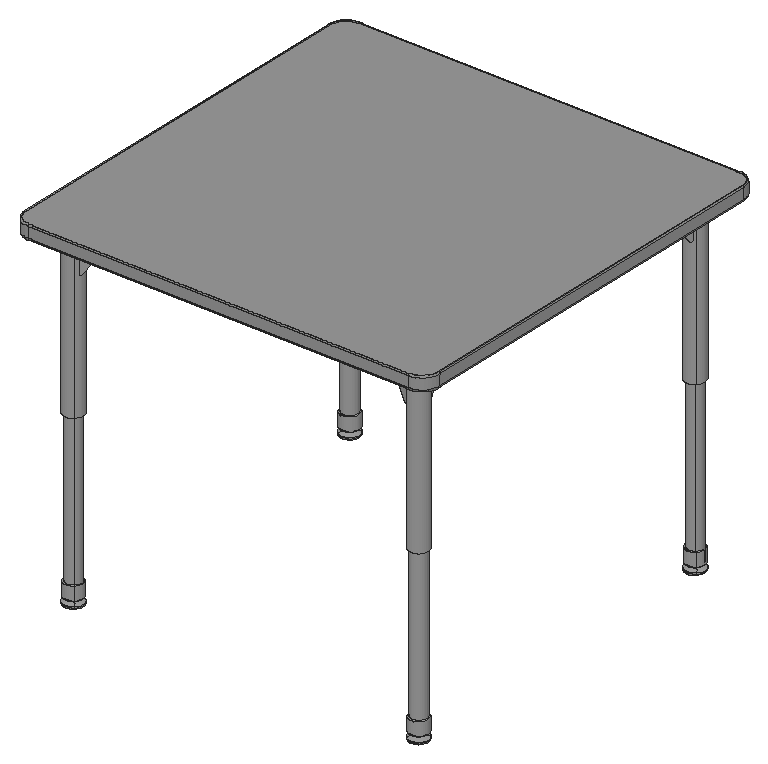
Revit family "Hierarchy Activity 36in Square Table", category Furniture, Revit 2018
Family settings
  Work Plane-Based = No
  Always vertical = Yes
  Cut with Voids When Loaded = No
  Shared = No
  Room Calculation Point = No
Parameters
  Table Height = 2' - 5"
  Surface = Hierarchy Activity 36" Square Table Surface
  Leg Finish = Hierarchy Leg Platinum
  Edgeband = Hierarchy Activity 36" Square Table Edgeband
  Caster/Glide = Hierarchy Leg - Glide : Hierarchy Leg - Glide
Reference planes (in)
  plane 1 "Center (Front/Back)": y = 0
  plane 2: z = 0
  plane 3 "Center (Left/Right)": x = 0
  plane 4: z = 29
Dimensions and locks (in)
  "Table Height": plane 4 to level
  aligned and locked: plane 2 to level
  aligned and locked: nested 1 to plane 4
Nested families (in)
  nested 1: "Activity 36x36 Tabletop" at (0, 0, 5.075), type "Activity 36x36 Tabletop"
  nested 2: "Hierarchy Leg - Glide" at (-15, 15, 0) x (0.7071, 0.7071, 0) z (0, 0, 1), type <- "Caster/Glide", Leg Finish <- "Leg Finish", Leg Height <- "Table Height", type "Hierarchy Leg - Glide"
  nested 3: "Hierarchy Leg - Glide" at (-15, -15, 0) x (0.7071, -0.7071, 0) z (0, 0, 1), type <- "Caster/Glide", Leg Finish <- "Leg Finish", Leg Height <- "Table Height", type "Hierarchy Leg - Glide"
  nested 4: "Hierarchy Leg - Glide" at (15, 15, 0) x (-0.7071, 0.7071, 0) z (0, 0, 1), Leg Finish <- "Leg Finish", Leg Height <- "Table Height", type "Hierarchy Leg - Glide"
    with Leg Height 2' - 5", Leg Finish Hierarchy Leg Platinum
  nested 5: "Hierarchy Leg - Glide" at (15, -15, 0) x (-0.7071, -0.7071, 0) z (0, 0, 1), Leg Finish <- "Leg Finish", Leg Height <- "Table Height", type "Hierarchy Leg - Glide"
    with Leg Height 2' - 5", Leg Finish Hierarchy Leg Platinum
Definition of nested family "Activity 36x36 Tabletop"
  Parameters (values of type "Activity 36x36 Tabletop")
    Surface = none
    Edgeband = none
  Reference planes (in)
    plane 1 "Center (Front/Back)": y = 0
    plane 2: z = 0
    plane 3 "Center (Left/Right)": x = 0
  Forms (in)
    Extrusion 1, solid, material <- "Surface"
      sketch origin (0, 0, 0) x (1, 0, 0) y (0, 1, 0)
        loop
          line (16.5, 17.88189) -> (-16.5, 17.88189)
          arc (-16.5, 17.88189) -> (-17.47714, 17.47714) -> (-17.88189, 16.5) r 1.38189
          line (-17.88189, 16.5) -> (-17.88189, -16.5)
          arc (-17.88189, -16.5) -> (-17.47714, -17.47714) -> (-16.5, -17.88189) r 1.38189
          line (-16.5, -17.88189) -> (16.5, -17.88189)
          arc (16.5, -17.88189) -> (17.47714, -17.47714) -> (17.88189, -16.5) r 1.38189
          line (17.88189, -16.5) -> (17.88189, 16.5)
          arc (17.88189, 16.5) -> (17.47714, 17.47714) -> (16.5, 17.88189) r 1.38189
      from 23.925 to 25.125
    Sweep 2, solid, material <- "Edgeband"
      path origin (0, 0, 0) x (1, 0, 0) y (0, 1, 0)
        loop
          line (16.5, 17.88189) -> (-16.5, 17.88189)
          arc (-16.5, 17.88189) -> (-17.47714, 17.47714) -> (-17.88189, 16.5) r 1.38189
          line (-17.88189, 16.5) -> (-17.88189, -16.5)
          arc (-17.88189, -16.5) -> (-17.47714, -17.47714) -> (-16.5, -17.88189) r 1.38189
          line (-16.5, -17.88189) -> (16.5, -17.88189)
          arc (16.5, -17.88189) -> (17.47714, -17.47714) -> (17.88189, -16.5) r 1.38189
          line (17.88189, -16.5) -> (17.88189, 16.5)
          arc (17.88189, 16.5) -> (17.47714, 17.47714) -> (16.5, 17.88189) r 1.38189
      profile origin (0, 17.88189, 0) x (0, -1, 0) y (0, 0, 1)
        loop
          arc (0, 25.125) -> (-0.08352, 25.09041) -> (-0.11811, 25.00689) r 0.11811
          line (-0.11811, 25.00689) -> (-0.11811, 24.04311)
          arc (-0.11811, 24.04311) -> (-0.08352, 23.95959) -> (0, 23.925) r 0.11811
          line (0, 23.925) -> (0, 25.125)
  Dimensions and locks (in)
    aligned and locked: plane 2 to level
Definition of nested family "Hierarchy Leg - Glide"
  Parameters (values of type "Hierarchy Leg - Glide")
    Leg Finish [instance] = none
    Leg Height [instance] = 2' - 5"
  Reference planes (in)
    plane 1 "Center (Front/Back)": y = 0
    plane 2: z = 0
    plane 3 "Center (Left/Right)": x = 0
  Forms (in)
    Extrusion 1, solid
      sketch origin (-0.01562, 0, 0) x (1, 0, 0) y (0, 1, 0)
        loop
          circle (0.01563, 0) r 0.67016
      from 0.67618 to 16.17618
    Revolve 2, solid
      sketch origin (0, 0, 0) x (1, 0, 0) y (0, 0, 1)
        loop
          line (-0.73189, 1.80118) -> (-0.79439, 1.73867) -> (-0.79439, 0.61381) -> (-0.73176, 0.55118) -> (-0.125, 0.55118) -> (-0.125, 0.42618) -> (-0.84656, 0.16241) -> (-0.84656, 0.08994) -> (-0.81359, 0) -> (0, 0) -> (0, 1.80118) -> (-0.73189, 1.80118)
        axis (0, 1.80118) -> (0, 0)
      angle from 0 to 360
  Dimensions and locks (in)
    "Leg Height": nested 1 to level
    aligned and locked: plane 2 to level
  Automatic sketch dimensions
    plane 1 "Center (Front/Back)" to Extrusion 1 sketch curve = 0' - 0"
    Extrusion 1 sketch curve to plane 3 "Center (Left/Right)" = 0' - 0"
    Revolve 2 sketch curve to level = 0' - 0"
    Revolve 2 sketch curve to plane 3 "Center (Left/Right)" = 0' - 0"  (x2)
    Revolve 2 sketch curve to plane 3 "Center (Left/Right)" = 0' - 0 1/8"
    Revolve 2 sketch curve to Revolve 2 sketch curve = 0' - 0.60676"
    Revolve 2 sketch curve to Revolve 2 sketch curve = 0' - 0.73189"
    Revolve 2 sketch curve to Revolve 2 sketch curve = 0' - 0.06263"  (x2)
    Revolve 2 sketch curve to Revolve 2 sketch curve = 0' - 0.08183"
    Revolve 2 sketch curve to Revolve 2 sketch curve = 0' - 0.03297"
    level to Revolve 2 sketch curve = 0' - 0.08994"
    Revolve 2 sketch curve to Revolve 2 sketch curve = 0' - 0.07247"
    level to Revolve 2 sketch curve = 0' - 0.42618"
    Revolve 2 sketch curve to Revolve 2 sketch curve = 0' - 0 1/8"
    Revolve 2 sketch curve to Revolve 2 sketch curve = 0' - 1.12486"
    Revolve 2 sketch curve to Revolve 2 sketch curve = 0' - 0 1/16"
    Revolve 2 sketch curve to level = 2' - 0"
    Revolve 2 sketch curve to Revolve 2 sketch curve = 8' - 4.91764"
    radius of Extrusion 1 sketch curve = 0' - 0.67016"
  Nested families (in)
    nested 1: "Hierarchy Upper Leg 2023" at (0, 0, 1.19783), Shapes Leg Finish <- "Leg Finish", type "Hierarchy Upper Leg 2023"
      with Shapes Leg Finish none
  Definition of nested family "Hierarchy Upper Leg 2023"
    Parameters (values of type "Hierarchy Upper Leg 2023")
      Shapes Leg Finish [instance] = none
    Reference planes (in)
      plane 1 "Center (Front/Back)": y = 0
      plane 2: z = 0
      plane 3 "Center (Left/Right)": x = 0
    Forms (in)
      Extrusion 1, solid, material <- "Shapes Leg Finish"
        sketch origin (0, 0, 0) x (1, 0, 0) y (0, 1, 0)
          loop
            circle (0, 0) r 0.84802
        from 13.67618 to 27.67618
      Extrusion 2, solid, material <- "Shapes Leg Finish"
        sketch origin (0, 0, 0) x (1, 0, 0) y (0, 1, 0)
          loop
            line (-1.70174, 0.19183) -> (-2.88626, -2.26116)
            arc (-2.88626, -2.26116) -> (-2.83993, -3.09822) -> (-2.1063, -3.50394) r 0.86614
            line (-2.1063, -3.50394) -> (2.1063, -3.50394)
            arc (2.1063, -3.50394) -> (2.83993, -3.09822) -> (2.88626, -2.26116) r 0.86614
            line (2.88626, -2.26116) -> (1.70174, 0.19183)
            arc (1.70174, 0.19183) -> (0, 1.25984) -> (-1.70174, 0.19183) r 1.88976
        from 27.67618 to 27.80217
      Extrusion 3, solid, material <- "Shapes Leg Finish"
        sketch origin (-1.48519, 8.66524, 0) x (-0.434844, 0.900506, 0) y (0, 0, 1)
          loop
            line (-9.01425, 27.67618) -> (-11.80952, 27.67618)
            arc (-11.80952, 27.67618) -> (-11.92325, 27.58993) -> (-11.87088, 27.45715) r 0.11811
            arc (-11.87088, 27.45715) -> (-10.39364, 26.29679) -> (-9.23328, 24.81955) r 7.87402
            arc (-9.23328, 24.81955) -> (-9.1005, 24.76717) -> (-9.01425, 24.88091) r 0.11811
            line (-9.01425, 24.88091) -> (-9.01425, 27.67618)
        from -1.94075 to -1.81476
      Extrusion 4, solid, material <- "Shapes Leg Finish"
        sketch origin (1.48519, 8.66524, 0) x (0.434844, 0.900506, 0) y (0, 0, -1)
          loop
            line (-9.01425, -27.67618) -> (-9.01425, -24.88091)
            arc (-9.01425, -24.88091) -> (-9.1005, -24.76717) -> (-9.23328, -24.81955) r 0.11811
            arc (-9.23328, -24.81955) -> (-10.39364, -26.29679) -> (-11.87088, -27.45715) r 7.87402
            arc (-11.87088, -27.45715) -> (-11.92325, -27.58993) -> (-11.80952, -27.67618) r 0.11811
            line (-11.80952, -27.67618) -> (-9.01425, -27.67618)
        from -1.94075 to -1.81476
    Dimensions and locks (in)
      aligned and locked: plane 2 to level
